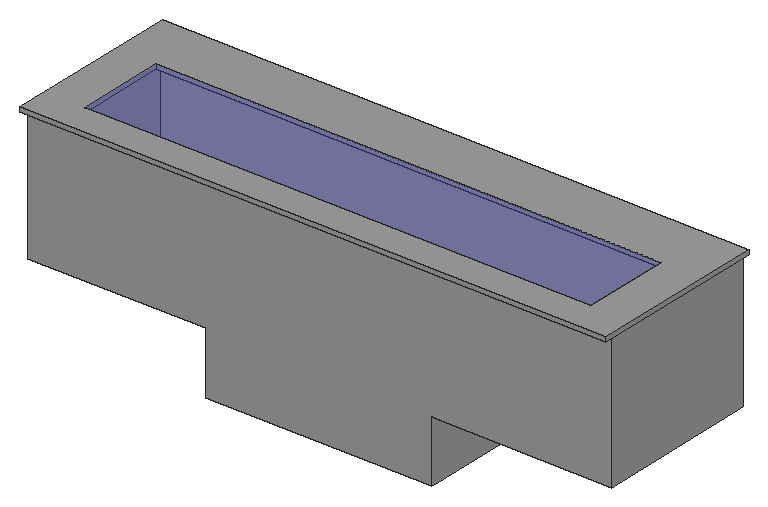
Revit family "24061_HOST_FACE", category Lighting Fixtures, host Face, Revit 2015
Parameters (values of type "Recessed Luminaires - Rectangular")
  Wattage = 7.83617 W
  built-in parameter 1150110 = 1 (stored number, unit not read)
  URL = "www.bega-us.com"
  built-in parameter 1114217 = 1 (stored number, unit not read)
  Tilt Angle = 90.00°
  built-in parameter 1150109 = 1 (stored number, unit not read)
  built-in parameter 1150134 = (empty or 0)
  Telephone = "805.684.0533"
  built-in parameter 1150113 = 1 (stored number, unit not read)
  Photometric Web File = "24061.ies"
  Model = "24 061"
  Manufacturer = "BEGA-US"
  built-in parameter 1150105 = 92.628 (stored number, unit not read)
  Lumens = 1164 lm
  built-in parameter 1150115 = 1 (stored number, unit not read)
  built-in parameter 1150137 = (empty or 0)
  built-in parameter 1150139 = (empty or 0)
  built-in parameter 1150112 = 1 (stored number, unit not read)
  built-in parameter 1150114 = 1 (stored number, unit not read)
  Lamp = "18.5W LED"
  built-in parameter 1150132 = 2
  built-in parameter 1150102 = (empty or 0)
  built-in parameter 1150107 = 3000 (stored number, unit not read)
  built-in parameter 1150138 = (empty or 0)
  built-in parameter 1150106 = 0.92628 (stored number, unit not read)
  built-in parameter 1150104 = 13.8 (stored number, unit not read)
  Dimming Lamp Color Temperature Shift = <None>
  Description = "LED recessed wall - Asymmetrical forward throw"
  Default Elevation = 0' - 0"
  Color Filter = 16777215
  built-in parameter 1114218 = 1 (stored number, unit not read)
  built-in parameter 1150133 = 10 (stored number, unit not read)
Types (5): name | Wattage | built-in parameter 1150134 | Photometric Web File | Model | built-in parameter 1150105 | Lumens | Lamp | built-in parameter 1150107 | built-in parameter 1150106 | Description | Default Elevation
  (no name) | 7.83617 W | (empty or 0) | "24061.ies" | "24 061" | 92.628 (stored number, unit not read) | 1164 lm | "18.5W LED" | 3000 (stored number, unit not read) | 0.92628 (stored number, unit not read) | "LED recessed wall - Asymmetrical forward throw" | 0' - 0"
  Wall Luminaires - Directed Light | 18.4392 W | (empty or 0) | "generic" | "2260LED" | 217.96 (stored number, unit not read) | 2739 lm | "44.6W LED" | 3000 (stored number, unit not read) | 2.1796 (stored number, unit not read) | "Surface wall with cutoff optics" | 6' - 0"
  Wall Luminaires - Linear | 9.92985 W | 9 | "generic" | "4425P" | 117.38 (stored number, unit not read) | 1475 lm | "(1) 39W CF twin-4-p" | 3450 (stored number, unit not read) | 1.1738 (stored number, unit not read) | "Suface wall - linear with white acrylic diffuser" | 6' - 0"
  Ceiling and Wall Luminaires - Unshielded | 2.66591 W | (empty or 0) | "33508.ies" | "33 508" | 31.513 (stored number, unit not read) | 396 lm | "8.4W LED" | 3000 (stored number, unit not read) | 0.31513 (stored number, unit not read) | "LED ceiling and wall luminaires - impact resistant" | 6' - 0"
  Recessed Luminaires - Rectangular | 7.83617 W | (empty or 0) | "24061.ies" | "24 061" | 92.628 (stored number, unit not read) | 1164 lm | "18.5W LED" | 3000 (stored number, unit not read) | 0.92628 (stored number, unit not read) | "LED recessed wall - Asymmetrical forward throw" | 0' - 0"
Reference planes (in)
  plane 1 "Center (Front/Back)": y = 0
  plane 2: z = 0
  plane 3 "Center (Left/Right)": x = 0
Dimensions and locks (in)
  aligned and locked: plane 2 to host face
  aligned and locked: level to host face
Nested families (in)
  nested 1: "24061." at (0, 0, 0), type "24061."
Connectors (in)
  electrical at (0, 0, 0)
    settings: on host face, index 1, voltage 0 V, apparent load 0 VA, apparent load phase1 0 VA, apparent load phase2 0 VA, apparent load phase3 0 VA, power factor 1, load classification "Other", number of poles 1, system type 31, power factor state 1, is connector primary yes, connector utility no, sub classification motor no, connector description ""
Definition of nested family "24061."
  Reference planes (in)
    plane 1 "Center (Front/Back)": y = 0
    plane 2: z = 0
    plane 3 "Center (Left/Right)": x = 0
  Forms (in)
    Extrusion 1, solid
      sketch origin (0, 0, 0) x (1, 0, 0) y (0, 1, 0)
        loop
          line (8.25, 2.5) -> (-8.25, 2.5) -> (-8.25, -2.5) -> (8.25, -2.5) -> (8.25, 2.5)
        loop
          line (7.125, 0.875) -> (-7.125, 0.875) -> (-7.125, -1.625) -> (7.125, -1.625) -> (7.125, 0.875)
      from 0 to 0.125
    Extrusion 2, solid
      sketch origin (0, 0, 0) x (1, 0, 0) y (0, 1, 0)
        loop
          line (-7.125, 0.875) -> (-7.125, -1.625) -> (7.125, -1.625) -> (7.125, 0.875) -> (-7.125, 0.875)
      from 0 to 0.125
    Extrusion 3, solid
      sketch origin (0, 0, 0) x (1, 0, 0) y (0, 0, 1)
        loop
          line (8.07207, 0) -> (-8.06344, 0) -> (-8.06344, -3.75) -> (-3.1875, -3.75) -> (-3.1875, -5.5) -> (3.1875, -5.5) -> (3.1875, -3.75) -> (8.07207, -3.75) -> (8.07207, 0)
      from 2.1875 to 2.3125
    Extrusion 4, solid
      sketch origin (0, 0, 0) x (1, 0, 0) y (0, 0, -1)
        loop
          line (8.07207, 0) -> (8.07207, 3.75) -> (3.1875, 3.75) -> (3.1875, 5.5) -> (-3.1875, 5.5) -> (-3.1875, 3.75) -> (-8.06344, 3.75) -> (-8.06344, 0) -> (8.07207, 0)
      from 2.1875 to 2.3125
    Extrusion 5, solid
      sketch origin (0, 0, 0) x (1, 0, 0) y (0, 0, 1)
        loop
          line (-8.1875, 0) -> (-8.1875, -3.75) -> (-3.1875, -3.75) -> (-3.1875, -5.5) -> (3.1875, -5.5) -> (3.1875, -3.75) -> (8.25, -3.75) -> (8.25, 0) -> (8.07207, 0) -> (8.07207, -3.625) -> (3.0625, -3.625) -> (3.0625, -5.375) -> (-3.0625, -5.375) -> (-3.0625, -3.625) -> (-8.06344, -3.625) -> (-8.06344, 0) -> (-8.1875, 0)
      from -2.3125 to 2.3125
  Cuts and joins
    joined: Extrusion 3, Extrusion 4, Extrusion 5
  Dimensions and locks (in)
    aligned and locked: plane 2 to level
